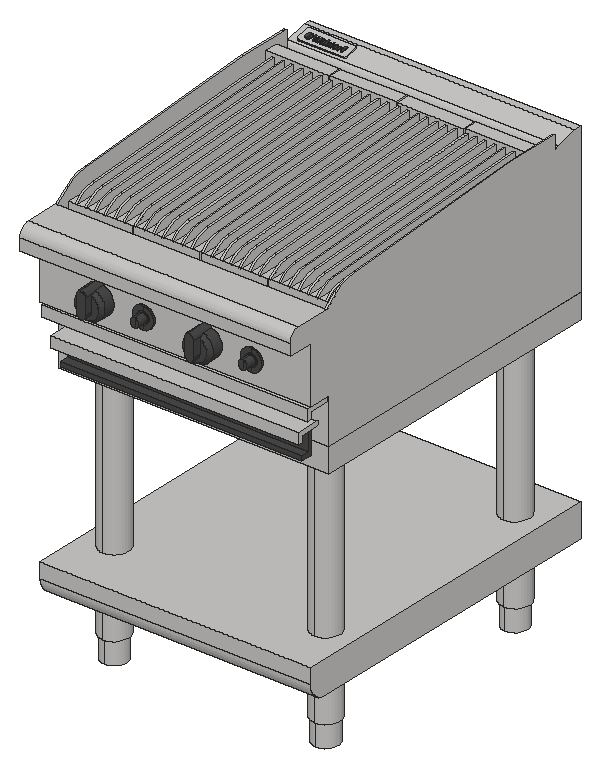
Revit family "QF_MOFFAT WALDORF_CHL8600G-LS", category Specialty Equipment, Revit 2012 (continued)
Automatic sketch dimensions
  Extrusion 41 sketch curve to plane 7 "Center Y" = 84 mm
  radius of Extrusion 41 sketch curve = 13.5 mm
Nested families
  nested 1: "WALDORF LOGO_FACE BASE" at (12.5, -21.708, 968.203) x (1, 0, 0) z (0, -0.2588, 0.9659), visible <- "Show Logo", type "WALDORF LOGO_FACE BASE", detail levels medium+fine
    with Show Logo yes
Connectors
  piping at (216, -32, 555)
    settings: on Extrusion 41, index 1, connector radius 0.37402", flow factor 0, pipe flow 0 GPM, pressure drop 0.00 psi, fitting loss kfactor 0, connector angle 0.00°, fixture units 0, engagement length 0 mm, flow configuration 1, flow direction 1, fitting loss method 0, system type 7, joint type 0, gender type 0, connector reference index -1, connector utility 0, adjustable connector no, is connector primary yes, fitting loss table "", connector description "GAS CONNECTION"
Definition of nested family "WALDORF LOGO_FACE BASE"
  Parameters (values of type "Family8")
    Show Logo [instance] = yes
    Default Elevation = 1219.2 mm
  Reference planes
    plane 1 "Center (Front/Back)": y = 0
    plane 2: z = 0
    plane 3 "Center (Left/Right)": x = 0
  Forms (mm)
    Extrusion 1, solid
      sketch origin (0, 0, 0) x (1, 0, 0) y (0, 1, 0)
        loop
          line (-1219.2, 1219.2) -> (-1219.2, -1219.2) -> (1219.2, -1219.2) -> (1219.2, 1219.2) -> (-1219.2, 1219.2)
      from 0 to -304.8
    Extrusion 2, solid, material "QF_Finishes_Stainless Steel", visible <- "Show Logo"
      sketch origin (0, -33.217, 0) x (1, 0, 0) y (0, 1, 0)
        loop
          arc (5, 34.14) -> (1.464, 32.676) -> (0, 29.14) r 5
          line (0, 29.14) -> (0, 5)
          arc (0, 5) -> (1.464, 1.464) -> (5, 0) r 5
          line (5, 0) -> (104, 0)
          arc (104, 0) -> (107.536, 1.464) -> (109, 5) r 5
          line (109, 5) -> (109, 29.14)
          arc (109, 29.14) -> (107.536, 32.676) -> (104, 34.14) r 5
          line (104, 34.14) -> (5, 34.14)
      from 0 to 1.588
    Extrusion 3, solid, material "QF_Finishes_Black", visible <- "Show Logo"
      sketch origin (0, -33.217, 1.588) x (1, 0, 0) y (0, 1, 0)
        loop
          line (24.772, 23.214) -> (27.992, 10.301) -> (31.551, 10.301) -> (33.443, 17.364) -> (35.205, 10.301) -> (39.332, 10.301) -> (42.077, 23.214) -> (38.352, 23.214) -> (36.676, 15.33) -> (35, 23.214) -> (31.752, 23.214) -> (30.076, 15.33) -> (28.4, 23.214) -> (24.772, 23.214)
        loop
          line (42.272, 17.055) -> (45.703, 17.055)
          spline (45.703, 17.055) -> (45.741, 17.285) -> (45.852, 17.499) -> (46.028, 17.682) -> (46.258, 17.823) -> (46.526, 17.912) -> (46.813, 17.942) -> (47.1, 17.912) -> (47.368, 17.823) -> (47.597, 17.682) -> (47.774, 17.499) -> (47.884, 17.285) -> (47.922, 17.055)
          line (47.922, 17.055) -> (47.922, 16.222)
          arc (47.922, 16.222) -> (45.742, 16.014) -> (43.665, 15.317) r 9.604
          arc (43.665, 15.317) -> (41.924, 12.809) -> (43.665, 10.301) r 2.677
          arc (43.665, 10.301) -> (45.527, 10.353) -> (47.332, 10.816) r 8.365
          line (47.332, 10.816) -> (48.092, 11.105) -> (48.092, 10.301) -> (51.817, 10.301) -> (51.817, 17.055)
          spline (51.817, 17.055) -> (51.654, 17.821) -> (51.178, 18.535) -> (50.419, 19.148) -> (49.431, 19.619) -> (48.28, 19.914) -> (47.044, 20.015) -> (45.809, 19.914) -> (44.658, 19.619) -> (43.67, 19.148) -> (42.911, 18.535) -> (42.434, 17.821) -> (42.272, 17.055)
        loop
          line (53.151, 23.214) -> (53.151, 10.301) -> (57.37, 10.301) -> (57.37, 23.214) -> (53.151, 23.214)
        loop
          line (64.874, 23.214) -> (64.874, 18.857)
          arc (64.874, 18.857) -> (58.083, 15.11) -> (64.874, 11.363) r 4.429
          line (64.874, 11.363) -> (64.874, 10.301) -> (68.378, 10.301) -> (68.378, 23.214) -> (64.874, 23.214)
        loop
          arc (64.874, 16.083) -> (61.41, 14.987) -> (64.874, 13.891) r 1.905
          line (64.874, 13.891) -> (64.874, 16.083)
        loop
          circle (74.623, 15.223) r 5
        loop
          spline (74.623, 17.856) -> (74.355, 17.766) -> (74.105, 17.503) -> (73.891, 17.084) -> (73.726, 16.539) -> (73.623, 15.904) -> (73.588, 15.223) -> (73.623, 14.541) -> (73.726, 13.906) -> (73.891, 13.361) -> (74.105, 12.942) -> (74.355, 12.679) -> (74.623, 12.59)
          spline (74.623, 12.59) -> (74.891, 12.679) -> (75.141, 12.942) -> (75.355, 13.361) -> (75.52, 13.906) -> (75.623, 14.541) -> (75.659, 15.223) -> (75.623, 15.904) -> (75.52, 16.539) -> (75.355, 17.084) -> (75.141, 17.503) -> (74.891, 17.766) -> (74.623, 17.856)
        loop
          line (81.255, 19.813) -> (81.255, 10.301) -> (84.834, 10.301) -> (84.834, 14.176)
          arc (84.834, 14.176) -> (85.854, 16.093) -> (88.013, 16.32) r 2.313
          line (88.013, 16.32) -> (88.013, 19.813) -> (87.161, 19.813)
          arc (87.161, 19.813) -> (85.526, 19.266) -> (84.549, 17.844) r 2.717
          line (84.549, 17.844) -> (84.549, 19.813) -> (81.255, 19.813)
        loop
          line (90.249, 19.813) -> (88.91, 19.813) -> (88.91, 17.614) -> (90.249, 17.614) -> (90.249, 10.301) -> (93.998, 10.301) -> (93.998, 17.614) -> (95.418, 17.614) -> (95.418, 19.813) -> (93.998, 19.813)
          arc (93.998, 19.813) -> (94.414, 20.817) -> (95.418, 21.233) r 1.42
          line (95.418, 21.233) -> (95.418, 23.602) -> (93.317, 23.602)
          arc (93.317, 23.602) -> (91.343, 22.903) -> (90.249, 21.118) r 3.137
          line (90.249, 21.118) -> (90.249, 19.813)
        loop
          arc (15.241, 23.571) -> (8.392, 16.525) -> (15.241, 9.479) r 7.049
          line (15.241, 9.479) -> (15.241, 23.571)
        loop
          line (15.641, 23.571) -> (15.641, 9.479)
          arc (15.641, 9.479) -> (22.49, 16.525) -> (15.641, 23.571) r 7.049
        loop
          arc (47.922, 14.711) -> (46.266, 13.749) -> (47.922, 12.787) r 1.107
          line (47.922, 12.787) -> (47.922, 14.711)
      from 0 to 0.2
  Dimensions and locks
    aligned and locked: plane 2 to Extrusion 1
    aligned and locked: level to Extrusion 1
